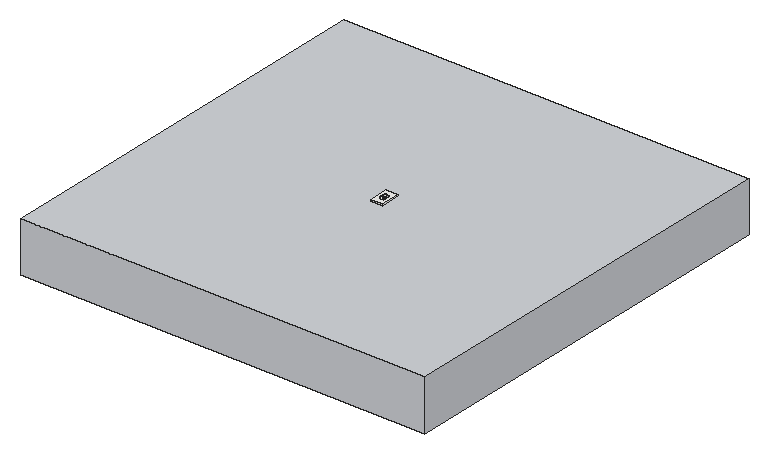
Revit family
Parameters (values of type "Standard")
  Wallstation Material = Plastic - Lutron - White
  Version = 1
  URL = "http://www.lutron.com"
  Series = "seeTouch"
  Product URL = "http://www.lutron.com/PRODUCTS/COMPONENTS/SEETOUCHWALLSTATION/Pages/Overview.aspx"
  Overall Width = 0' - 2 3/4"
  Overall Height = 0' - 4 9/16"
  Overall Depth = 0' - 1 3/8"
  Model = "SQA-2DN-WH-E01"
  Manufacturer Complete Model Number [instance] = ""
  Manufacturer = "Lutron Electronics"  # constant formula
  Label = "SC"
  Description = "Low Voltage 4 Button Wallstation for Dual Shades or 2 Group Applications"
  Default Elevation = 4' - 0"
  Copyright = "© 2010 Lutron Electronics Co., Inc."  # constant formula
  CADworks URL = "http://www.CADworks.net"
  Assembly Code = "D5020120"
Reference planes (in)
  plane 1 "Center (Front/Back)": y = 0
  plane 2: z = 0
  plane 3 "Center (Left/Right)": x = 0
  plane 4: x = -1.375
  plane 5: x = 1.375
  plane 6: y = 2.28125
  plane 7: y = -2.28125
  plane 8: z = 0.3125
  plane 9: z = -1.0625
  plane 10: z = -0.75
  plane 11: z = 0.4925
  plane 12: z = 0.4025
  plane 13: z = 0.5825
Forms (in)
  Extrusion 1, solid
    sketch origin (0, 0, 0) x (1, 0, 0) y (0, 1, 0)
      loop
        line (-48, 48) -> (-48, -48) -> (48, -48) -> (48, 48) -> (-48, 48)
    from 0 to -12
  Extrusion 2, solid, material "Plastic - Lutron - White" <- "Wallstation Material"
    sketch origin (0, 0, 0) x (1, 0, 0) y (0, 1, 0)
      loop
        line (-1.375, 2.28125) -> (-1.375, -2.28125) -> (1.375, -2.28125) -> (1.375, 2.28125) -> (-1.375, 2.28125)
    from 0 to 0.3125
  Extrusion 3, solid, material "Plastic - Lutron - White" <- "Wallstation Material", detail levels fine
    sketch origin (0, 0, 0) x (1, 0, 0) y (0, 1, 0)
      loop
        arc (-0.68031, 1.37) -> (-0.80737, 1.31737) -> (-0.86, 1.19031) r 0.17969
        line (-0.86, 1.19031) -> (-0.86, -1.19031)
        arc (-0.86, -1.19031) -> (-0.80737, -1.31737) -> (-0.68031, -1.37) r 0.17969
        line (-0.68031, -1.37) -> (0.68031, -1.37)
        arc (0.68031, -1.37) -> (0.80737, -1.31737) -> (0.86, -1.19031) r 0.17969
        line (0.86, -1.19031) -> (0.86, 1.19031)
        arc (0.86, 1.19031) -> (0.80737, 1.31737) -> (0.68031, 1.37) r 0.17969
        line (0.68031, 1.37) -> (-0.68031, 1.37)
    from -0.75 to 0
  Extrusion 4, solid, material "Plastic - Lutron - White" <- "Wallstation Material", detail levels fine
    sketch origin (0, 0, 0) x (1, 0, 0) y (0, 1, 0)
      loop
        line (0.1, 1.2) -> (0.1, 0.41) -> (0.71, 0.41) -> (0.71, 1.2) -> (0.1, 1.2)
      loop
        line (-0.02, -0.47) -> (-0.02, -1.06) -> (0.61, -1.06) -> (0.61, -0.47) -> (-0.02, -0.47)
    from -1.0625 to -0.75
  Extrusion 5, void
    sketch origin (0, 0, 0) x (1, 0, 0) y (0, 1, 0)
      loop
        line (-0.465, 0.16) -> (0.465, 0.16) -> (0.465, 0.86) -> (-0.465, 0.86) -> (-0.465, 0.16)
      loop
        line (-0.465, -0.86) -> (0.465, -0.86) -> (0.465, -0.16) -> (-0.465, -0.16) -> (-0.465, -0.86)
    from 0.25 to 0.3125
  Extrusion 6, void
    sketch origin (0, 0, 0) x (0, 1, 0) y (0, 0, 1)
      loop
        arc (-0.16984, 0.42038) -> (0, 0.4925) -> (0.16984, 0.42038) r 0.23605
        arc (0.16984, 0.42038) -> (0.33969, 0.4925) -> (0.50953, 0.42038) r 0.23605
        arc (0.50953, 0.42038) -> (0.67937, 0.4925) -> (0.84922, 0.42038) r 0.23605
        arc (0.84922, 0.42038) -> (1.01906, 0.4925) -> (1.18891, 0.42038) r 0.23605
        line (1.18891, 0.42038) -> (1.30406, 0.42038) -> (1.30406, 0.6175) -> (-1.30406, 0.6175) -> (-1.30406, 0.42038) -> (-1.18891, 0.42038)
        arc (-1.18891, 0.42038) -> (-1.01906, 0.4925) -> (-0.84922, 0.42038) r 0.23605
        arc (-0.84922, 0.42038) -> (-0.67938, 0.4925) -> (-0.50953, 0.42038) r 0.23605
        arc (-0.50953, 0.42038) -> (-0.33969, 0.4925) -> (-0.16984, 0.42038) r 0.23605
    from -1.375 to 1.375
  Extrusion 7, solid, material "Plastic - Lutron - White" <- "Wallstation Material", detail levels medium+fine
    sketch origin (0, 1.02, 0) x (1, 0, 0) y (0, 1, 0)
      loop
        line (-0.44, -1.86) -> (0.44, -1.86) -> (0.44, -1.54) -> (-0.44, -1.54) -> (-0.44, -1.86)
      loop
        line (-0.44, -1.52) -> (0.44, -1.52) -> (0.44, -1.2) -> (-0.44, -1.2) -> (-0.44, -1.52)
      loop
        line (-0.44, -0.84) -> (0.44, -0.84) -> (0.44, -0.52) -> (-0.44, -0.52) -> (-0.44, -0.84)
      loop
        line (-0.44, -0.5) -> (0.44, -0.5) -> (0.44, -0.18) -> (-0.44, -0.18) -> (-0.44, -0.5)
    from 0.25 to 0.4925
  Extrusion 8, void
    sketch origin (0, 1.02, 0) x (1, 0, 0) y (0, 1, 0)
      loop
        circle (-0.34, -0.34) r 0.03125
      loop
        circle (-0.34, -0.68) r 0.03125
      loop
        circle (-0.34, -1.36) r 0.03125
      loop
        circle (-0.34, -1.7) r 0.03125
    from 0.4025 to 0.5825
Cuts and joins
  Extrusion 5 cuts Extrusion 2
  Extrusion 5 cuts Extrusion 3
  Extrusion 6, Extrusion 8 cuts Extrusion 7
Lines and regions (in)
  symbolic lines, detail levels fine
    curve 1: line (-1.375, 0, 0.3125) -> (1.375, 0, 0.3125)
    curve 2: line (-1.375, 0, 0) -> (-1.375, 0, 0.3125)
    curve 3: line (1.375, 0, 0.3125) -> (1.375, 0, 0)
    curve 4: line (-0.44, 0, 0.4925) -> (0.44, 0, 0.4925)
    curve 5: line (-0.44, 0, 0.3125) -> (-0.44, 0, 0.4925)
    curve 6: line (0.44, 0, 0.4925) -> (0.44, 0, 0.3125)
    curve 7: line (-1.375, 0, 0) -> (1.375, 0, 0)
Dimensions and locks (in)
  equal spacing: plane 4, plane 3 "Center (Left/Right)", plane 5
  "Overall Width": plane 4 to plane 5
  equal spacing: plane 7, plane 1 "Center (Front/Back)", plane 6
  "Overall Height": plane 6 to plane 7
  locked: plane 8 to plane 2 at 0.3125
  "Overall Depth": plane 8 to plane 9
  locked: plane 2 to plane 10 at 0.75
  locked: Extrusion 3 sketch curve to Extrusion 3 sketch curve at 1.72
  equal spacing: Extrusion 3 sketch curve, plane 3 "Center (Left/Right)", Extrusion 3 sketch curve
  locked: Extrusion 3 sketch curve to Extrusion 3 sketch curve at 2.74
  equal spacing: Extrusion 3 sketch curve, plane 1 "Center (Front/Back)", Extrusion 3 sketch curve
  locked: plane 1 "Center (Front/Back)" to Extrusion 4 sketch curve at 0.41
  locked: Extrusion 4 sketch curve to Extrusion 4 sketch curve at 0.79
  locked: Extrusion 4 sketch curve to plane 1 "Center (Front/Back)" at 0.47
  locked: Extrusion 4 sketch curve to Extrusion 4 sketch curve at 0.59
  locked: plane 3 "Center (Left/Right)" to Extrusion 4 sketch curve at 0.61
  locked: Extrusion 4 sketch curve to Extrusion 4 sketch curve at 0.63
  locked: plane 3 "Center (Left/Right)" to Extrusion 4 sketch curve at 0.71
  locked: Extrusion 4 sketch curve to Extrusion 4 sketch curve at 0.61
  locked: cut or joined group of Extrusion 2, Extrusion 5 to plane 9 at 1.3125
  locked: plane 11 to plane 8 at 0.18
  locked: plane 1 "Center (Front/Back)" to Extrusion 6 sketch curve at 0
  locked: Extrusion 6 sketch curve to plane 9 at 1.68
  locked: Extrusion 6 sketch curve to Extrusion 6 sketch curve at 2.60812
  equal spacing: Extrusion 6 sketch curve, plane 1 "Center (Front/Back)", Extrusion 6 sketch curve
  locked: Extrusion 6 sketch curve to plane 9 at 1.48288
  equal spacing: Extrusion 6 sketch curve, Extrusion 6 sketch curve, Extrusion 6 sketch curve, Extrusion 6 sketch curve, Extrusion 6 sketch curve, Extrusion 6 sketch curve, Extrusion 6 sketch curve, Extrusion 6 sketch curve
  plane 11 to Extrusion 6 sketch curve to Extrusion 6 sketch curve to Extrusion 6 sketch curve to Extrusion 6 sketch curve to Extrusion 6 sketch curve to Extrusion 6 sketch curve to Extrusion 6 sketch curve = 0' - 0" locked, 0' - 0" locked, 0' - 0" locked, 0' - 0" locked, 0' - 0" locked, 0' - 0" locked, 0' - 0" locked
  equal spacing: plane 11, Extrusion 8, plane 8
  equal spacing: Extrusion 8, plane 11, Extrusion 8
  equal spacing: plane 13, plane 11, plane 12
  locked: plane 12 to plane 13 at 0.18
  equal spacing: Extrusion 5 sketch curve, plane 3 "Center (Left/Right)", Extrusion 5 sketch curve
  locked: Extrusion 5 sketch curve to Extrusion 5 sketch curve at 0.93
  plane 7 to Extrusion 5 sketch curve to Extrusion 5 sketch curve = 0' - 2.44125" locked, 0' - 0.7" locked
  plane 6 to Extrusion 5 sketch curve to Extrusion 5 sketch curve = 0' - 2.44125" locked, 0' - 0.7" locked
  plane 7 to Extrusion 7 sketch curve to Extrusion 7 sketch curve to Extrusion 7 sketch curve to Extrusion 7 sketch curve = 0' - 2.46125" locked, 0' - 0.32" locked, 0' - 0.02" locked, 0' - 0.32" locked
  plane 6 to Extrusion 7 sketch curve to Extrusion 7 sketch curve to Extrusion 7 sketch curve to Extrusion 7 sketch curve = 0' - 2.46125" locked, 0' - 0.32" locked, 0' - 0.02" locked, 0' - 0.32" locked
  equal spacing: Extrusion 7 sketch curve, plane 3 "Center (Left/Right)", Extrusion 7 sketch curve
  locked: Extrusion 7 sketch curve to Extrusion 7 sketch curve at 0.88
  Extrusion 8 sketch curve to Extrusion 8 sketch curve to Extrusion 8 sketch curve to Extrusion 8 sketch curve to plane 5 = 0' - 0" locked, 0' - 0" locked, 0' - 0" locked, 0' - 1.715" locked
  plane 7 to Extrusion 8 sketch curve to Extrusion 8 sketch curve = 0' - 2.62125" locked, 0' - 0.34" locked
  plane 6 to Extrusion 8 sketch curve to Extrusion 8 sketch curve = 0' - 2.62125" locked, 0' - 0.34" locked
  radius of Extrusion 3 sketch curve = 0' - 0 23/128"  (x4)
  radius of Extrusion 8 sketch curve = 0' - 0 1/32"  (x4)
  aligned and locked: plane 2 to Extrusion 1
  aligned and locked: level to Extrusion 1
  aligned and locked: Extrusion 2 sketch curve to plane 6
  aligned and locked: plane 4 to Extrusion 2 sketch curve
  aligned and locked: Extrusion 2 sketch curve to plane 7
  aligned and locked: Extrusion 2 sketch curve to plane 5
  aligned and locked: Extrusion 2 to plane 2
  aligned and locked: plane 8 to Extrusion 2
  aligned and locked: Extrusion 3 to plane 10
  aligned and locked: plane 2 to Extrusion 3
  aligned and locked: Extrusion 4 to plane 9
  aligned and locked: plane 10 to Extrusion 4
  aligned and locked: plane 8 to cut or joined group of Extrusion 2, Extrusion 5
  aligned and locked: Extrusion 6 sketch curve to Extrusion 6 sketch curve
  aligned and locked: plane 4 to curve 2
  aligned and locked: curve 1 to plane 8
  aligned and locked: curve 3 to plane 5
  aligned and locked: curve 4 to plane 11
  aligned and locked: plane 11 to Extrusion 7
  aligned: Extrusion 8 to plane 8
  aligned: plane 11 to Extrusion 8
  aligned and locked: Extrusion 8 to plane 13
  aligned and locked: plane 12 to Extrusion 8
  aligned and locked: Extrusion 5 sketch curve to Extrusion 5 sketch curve  (x2)
  aligned and locked: Extrusion 7 sketch curve to Extrusion 7 sketch curve  (x6)
  aligned and locked: Extrusion 6 to plane 4
  aligned and locked: plane 5 to Extrusion 6
  aligned and locked: cut or joined group of Extrusion 2, Extrusion 5 to cut or joined group of Extrusion 6, Extrusion 7, Extrusion 8
  aligned and locked: plane 1 "Center (Front/Back)" to nested 1
  aligned and locked: plane 3 "Center (Left/Right)" to nested 1
  aligned and locked: curve 5 to cut or joined group of Extrusion 6, Extrusion 7, Extrusion 8
  aligned and locked: curve 6 to cut or joined group of Extrusion 6, Extrusion 7, Extrusion 8
  aligned and locked: cut or joined group of Extrusion 2, Extrusion 5 to plane 2
  aligned and locked: curve 7 to plane 2
Automatic sketch dimensions
  Extrusion 1 sketch curve to Extrusion 1 sketch curve = 8' - 0"  (x2)
  Extrusion 6 sketch curve to Extrusion 6 sketch curve = 0' - 0.11516"
  Extrusion 6 sketch curve to plane 8 = 0' - 0.05605"  (x5)
  Extrusion 6 sketch curve to Extrusion 6 sketch curve = 0' - 0.16984"
Nested families (in)
  nested 1: "Switch Annotation" at (0, 0, 0), type "Switch Annotation", detail levels coarse+medium
Connectors (in)
  electrical at (0, 1.37, -0.375)
    settings: on cut or joined group of Extrusion 3, Extrusion 5, index 1, voltage 0 V, apparent load 0 VA, apparent load phase1 0 VA, apparent load phase2 0 VA, apparent load phase3 0 VA, power factor 1, load classification "Other", number of poles 1, system type 13, power factor state 1, is connector primary yes, connector utility no, sub classification motor no, connector description "Control Connection"
Definition of nested family "Switch Annotation"
  Parameters (values of type "Switch Annotation")
    Label = "LC"
  Reference planes (in)
    plane 1: y = 0
    plane 2: x = 0
  Lines and regions (in)
    detail lines
      curve 1: line (0, 0.125, 0) -> (0, 0, 0)
      curve 3: arc (0.01506, 0.11153, 0) -> (-0.02442, 0.09683, 0) -> (0, 0.0625, 0) r 0.02655
      curve 4: arc (0, 0.0625, 0) -> (0.01543, 0.02147, 0) -> (-0.02827, 0.02483, 0) r 0.02599
    reference lines
      curve 2: line (0, 0.0625, 0) -> (-0.11983, 0.0625, 0)
      curve 5: line (0.10095, -0.04722, 0) -> (0.10095, 0.09386, 0)
      curve 6: line (0.10095, -0.04722, 0) -> (0.28349, -0.04722, 0)
      curve 7: line (0.10095, 0.04579, 0) -> (0.31014, 0.04579, 0)
  Text (in)
    label "2" at (0.1048, 0.12997, 0), shows "Label"
  Dimensions and locks (in)
    locked: curve 6 to curve 7 at 0.09301
    locked: curve 1 to curve 5 at 0.10095
    locked: curve 1 to curve 1 at 0.125
    locked: plane 1 to curve 2 at 0.0625
    aligned and locked: curve 1 to curve 2
    aligned and locked: curve 3 to curve 2
    aligned and locked: curve 4 to curve 2
    aligned and locked: plane 1 to curve 1
    aligned and locked: curve 1 to plane 2
    aligned and locked: plane 2 to curve 1
